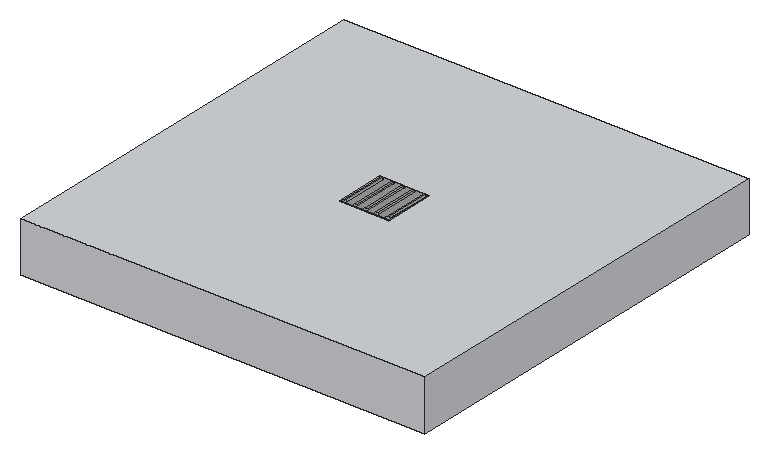
Revit family "Тактильная полиуретановая плитка прямы полосы (приклеивание)", category Оборудование, Revit 2017
Family settings
  Основа = Грань
  Размер круглого соединителя = Использовать диаметр
  Тип детали = Нормальный
  При загрузке вырезать с полостями = Да
  Общий = Да
  Точка расчета площади = Нет
Parameters (values of type "Тактильная плитка полиуретановая_Черная")
  Стоимость = 378
  Применение = "Улица/Помещение"
  Default Elevation = 0 mm
  Описание = "Тактильная ПУ плитка информирует человека с ограничениями зрения во время движения. Благодаря своим прочностным характеристикам и устойчивости, тактильную ПУ плитку можно монтировать как в помещениях, так и на улице.  Рельефные полосы на тактильной плитке информируют незрячего человека о движении прямо без ограничений. Тактильная плитка черного цвета применяется для организации контраста на светлых поверхностях, что особенно важно для слабовидящего человека."
  Изготовитель = "ТИФЛОЦЕНТР «ВЕРТИКАЛЬ»"
  URL = "http://tiflocentre.ru/magazin/view_product.php?id=200"
  ADSK_Тип рифов = "Рельефные полосы"
  ADSK_Размер_Ширина = 300 mm
  ADSK_Размер_Толщина = 2 mm
  ADSK_Размер_Длина = 300 mm
  ADSK_Размер_Габариты = "300Х300"
  ADSK_Размер_Высота рифа = 5 mm
  ADSK_Наименование = "Тактильная полиуретановая плитка с прямыми рельефными полосами (приклеивание)"
  ADSK_Материал плитки = Вертикаль_Полиуретан_Черный
  ADSK_Материал наименование = "Полиуретан, цвет черный"
  ADSK_Код изделия = "10130-CH"
Types (3, lengths in mm): name | Описание | URL | ADSK_Материал плитки | ADSK_Материал наименование | ADSK_Код изделия
  (no name) | "Тактильная ПУ плитка информирует человека с ограничениями зрения во время движения. Благодаря своим прочностным характеристикам и устойчивости, тактильную ПУ плитку можно монтировать как в помещениях, так и на улице.  Рельефные полосы на тактильной плитке информируют незрячего человека о движении прямо без ограничений. Тактильная плитка черного цвета применяется для организации контраста на светлых поверхностях, что особенно важно для слабовидящего человека." | "http://tiflocentre.ru/magazin/view_product.php?id=200" | Вертикаль_Полиуретан_Черный | "Полиуретан, цвет черный" | "10130-CH"
  Тактильная плитка полиуретан_Желтая | "Тактильная ПУ плитка предназначена для обеспечения информирования при движении людей с ограничениями зрения как в помещениях, так и на улице. Расположение тактильных рифов в виде параллельных полос \"говорит\" незрячему человеку о движении прямо без препятствий на пути. Желтый цвет плитки отлично контрастирует с темной поверхностью асфальта и кафеля, что рекомендовано программой \"Доступная среда\". Тактильная ПУ плитка не требует трудоемкого монтажа, ее достаточно просто посадить на клей, заранее очистив поверхность." | "http://tiflocentre.ru/magazin/view_product.php?cat=1&podcat=2&id=199" | Вертикаль_Полиуретан_Желтый | "Полиуретан, цвет желтый" | "10130-ZH"
  Тактильная плитка полиуретановая_Черная | "Тактильная ПУ плитка информирует человека с ограничениями зрения во время движения. Благодаря своим прочностным характеристикам и устойчивости, тактильную ПУ плитку можно монтировать как в помещениях, так и на улице.  Рельефные полосы на тактильной плитке информируют незрячего человека о движении прямо без ограничений. Тактильная плитка черного цвета применяется для организации контраста на светлых поверхностях, что особенно важно для слабовидящего человека." | "http://tiflocentre.ru/magazin/view_product.php?id=200" | Вертикаль_Полиуретан_Черный | "Полиуретан, цвет черный" | "10130-CH"
Reference planes
  plane 1 "По центру (Вперед/Назад)": y = 0
  plane 2: z = 0
  plane 3 "По центру (Влево/Вправо)": x = 0
  plane 4: x = -150
  plane 5: x = 150
  plane 6: y = -150
  plane 7: y = 150
  plane 8: z = 2
Forms (mm)
  Extrusion 1, solid
    sketch origin (0, 0, 0) x (1, 0, 0) y (0, 1, 0)
      loop
        line (-1219.2, 1219.2) -> (-1219.2, -1219.2) -> (1219.2, -1219.2) -> (1219.2, 1219.2) -> (-1219.2, 1219.2)
    from 0 to -304.8
  Extrusion 2, solid, material "Вертикаль_Полиуретан_Черный" <- "ADSK_Материал плитки"
    sketch origin (0, 0, 0) x (1, 0, 0) y (0, 1, 0)
      loop
        line (-150, 150) -> (-150, -150) -> (150, -150) -> (150, 150) -> (-150, 150)
    from 0 to 2
Dimensions and locks
  equal spacing: plane 7, plane 1 "По центру (Вперед/Назад)", plane 6
  equal spacing: plane 4, plane 3 "По центру (Влево/Вправо)", plane 5
  "ADSK_Размер_Ширина": plane 4 to plane 5
  "ADSK_Размер_Длина": plane 7 to plane 6
  "ADSK_Размер_Толщина": plane 8 to level
  plane 8 to level = 2 mm
  aligned and locked: plane 2 to Extrusion 1
  aligned and locked: level to Extrusion 1
  aligned and locked: plane 4 to Extrusion 2 sketch curve
  aligned and locked: Extrusion 2 sketch curve to plane 7
  aligned and locked: Extrusion 2 sketch curve to plane 5
  aligned and locked: plane 6 to Extrusion 2 sketch curve
  aligned and locked: Extrusion 2 to level
  aligned and locked: Extrusion 2 to Extrusion 1
  aligned and locked: plane 8 to Extrusion 2
Automatic sketch dimensions
  Extrusion 1 sketch curve to Extrusion 1 sketch curve = 2438.4 mm  (x2)
Nested families
  nested 1: "Риф_полоса" at (-130, -145, 2) x (0, 1, 0) z (0, 0, 1), Материал <- "ADSK_Материал плитки", built-in parameter 1001364 <- "ADSK_Размер_Толщина", type "Риф_полоса"
    with Ширина 20 mm, Материал Вертикаль_Полиуретан_Черный, Длина 290 mm, Высота 5 mm, r1 10 mm
  nested 2: "Риф_полоса" at (-65, -145, 2) x (0, 1, 0) z (0, 0, 1), Материал <- "ADSK_Материал плитки", built-in parameter 1001364 <- "ADSK_Размер_Толщина", type "Риф_полоса"
    with Ширина 20 mm, Материал Вертикаль_Полиуретан_Черный, Длина 290 mm, Высота 5 mm, r1 10 mm
  nested 3: "Риф_полоса" at (65, -145, 2) x (0, 1, 0) z (0, 0, 1), Материал <- "ADSK_Материал плитки", built-in parameter 1001364 <- "ADSK_Размер_Толщина", type "Риф_полоса"
    with Ширина 20 mm, Материал Вертикаль_Полиуретан_Черный, Длина 290 mm, Высота 5 mm, r1 10 mm
  nested 4: "Риф_полоса" at (130, -145, 2) x (0, 1, 0) z (0, 0, 1), Материал <- "ADSK_Материал плитки", built-in parameter 1001364 <- "ADSK_Размер_Толщина", type "Риф_полоса"
    with Ширина 20 mm, Материал Вертикаль_Полиуретан_Черный, Длина 290 mm, Высота 5 mm, r1 10 mm
  nested 5: "Риф_полоса" at (0, -145, 2) x (0, 1, 0) z (0, 0, 1), Материал <- "ADSK_Материал плитки", built-in parameter 1001364 <- "ADSK_Размер_Толщина", type "Риф_полоса"
    with Ширина 20 mm, Материал Вертикаль_Полиуретан_Черный, Длина 290 mm, Высота 5 mm, r1 10 mm
Definition of nested family "Риф_полоса"
  Parameters (values of type "Риф_полоса")
    Ширина [instance] = 20 mm
    Материал [instance] = none
    Длина [instance] = 1082.7 mm
    Высота [instance] = 5 mm
    Вершина = 4 mm
    r1 [instance] = Ширина / 2  # 10 mm
  Reference planes
    plane 1 "По центру (Вперед/Назад)": y = 0
    plane 2: z = 0
    plane 3 "По центру (Влево/Вправо)": x = 0
    plane 4: x = 1082.7
    plane 5: y = 10
    plane 6: y = -10
    plane 7: x = 10
    plane 8: x = 1072.7
    plane 9: z = 5
  Forms (mm)
    Blend 1, solid, material <- "Материал"
      base sketch origin (0, 0, 0) x (1, 0, 0) y (0, 1, 0)
        loop
          line (10, -10) -> (1072.7, -10)
          arc (1072.7, -10) -> (1082.7, 0) -> (1072.7, 10) r 10
          line (1072.7, 10) -> (10, 10)
          arc (10, 10) -> (0, 0) -> (10, -10) r 10
      top sketch origin (0, 0, 0) x (1, 0, 0) y (0, 1, 0)
        loop
          line (1072.7, 6) -> (10, 6)
          arc (10, 6) -> (4, 0) -> (10, -6) r 6
          line (10, -6) -> (1072.7, -6)
          arc (1072.7, -6) -> (1078.7, 0) -> (1072.7, 6) r 6
      from 0 to 5
  Dimensions and locks
    "Длина": plane 3 "По центру (Влево/Вправо)" to plane 4
    equal spacing: plane 5, plane 1 "По центру (Вперед/Назад)", plane 6
    "Ширина": plane 5 to plane 6
    "r1": plane 3 "По центру (Влево/Вправо)" to plane 7
    "r1": plane 8 to plane 4
    "Вершина": plane 5 to Blend 1 sketch curve
    "Вершина": Blend 1 sketch curve to plane 6
    "Высота": level to plane 9
    aligned and locked: level to plane 2
    aligned and locked: Blend 1 sketch curve to plane 6
    aligned and locked: Blend 1 sketch curve to plane 5
    aligned and locked: plane 8 to Blend 1 sketch curve  (x2)
    aligned and locked: plane 7 to Blend 1 sketch curve  (x2)
    aligned and locked: Blend 1 to plane 9
